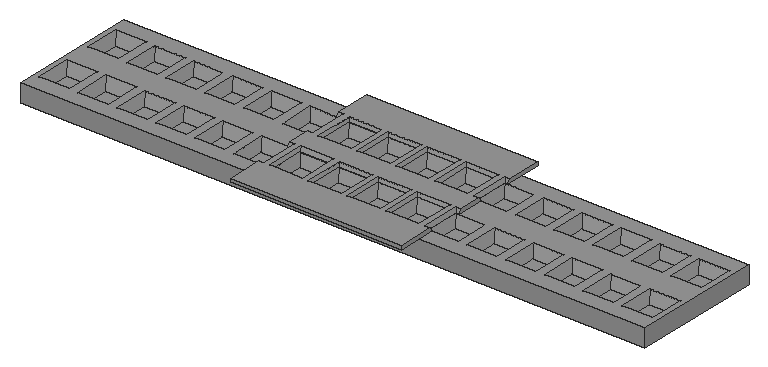
Revit family "2023699", category Lighting Fixtures, host Face, Revit 2018
Family settings
  Host = Face
  Round Connector Dimension = Use Diameter
  Part Type = Normal
  OmniClass Number = 23.80.70.00
  OmniClass Title = Lighting
  Cut with Voids When Loaded = No
  Light Source = Yes
  Shared = No
  Room Calculation Point = No
Parameters (values of type "2023699 OPTIX R 1250 2L TW WHT SSC01")
  Weight = "n/a"
  Wattage Comments = ""
  Wattage = 9.2903 W
  WarrantyStartDate [instance] = "n/a"
  WarrantyGuarantorParts = "n/a"
  WarrantyDurationUnit = "n/a"
  WarrantyDurationParts = ""
  WarrantyDescription = "http://www.sylvania-lighting.com"
  built-in parameter 1150110 = 1 (stored number, unit not read)
  Voltage = 0 V
  URL = "0.97"
  TypeName = "OPTIX RECESSED 1250 2L TW WHT SSC01"
  Type Image = <None>
  Type Comments = "n/a"
  built-in parameter 1114217 = 1 (stored number, unit not read)
  Tilt Angle = -90.00°
  built-in parameter 1150109 = 1 (stored number, unit not read)
  built-in parameter 1150134 = 3
  built-in parameter 1150113 = 1 (stored number, unit not read)
  SerialNumber [instance] = "n/a"
  Photometric Web File = "2023699.ies"
  Material_3_SYL = none
  PowerFactor = 0
  PowerConsumption = "Lighting"
  NominalLength = 308.5 mm
  NominalHeight = 38 mm
  NominalDepth = 308 mm
  Name = "OPTIX RECESSED 1250 2L TW WHT SSC01"
  ModelReference = Name  # "OPTIX RECESSED 1250 2L TW WHT SSC01"
  ModelNumber = "2023699"
  Model = Name  # "OPTIX RECESSED 1250 2L TW WHT SSC01"
  Material = "Feilo Sylvania"
  ManufacturerName = "120 lm/W"
  Manufacturer = ""
  LuminousEfficacy = ""
  built-in parameter 1150105 = 109.82 (stored number, unit not read)
  Lumens = 1380 lm
  LuminaireType = "0"
  built-in parameter 1150115 = 1 (stored number, unit not read)
  LightOutputRatio = "LED"
  built-in parameter 1150137 = (empty or 0)
  built-in parameter 1150139 = (empty or 0)
  LampsType = Lamp  # "n/a"
  LampNominalLuminous = "3000 K"
  LampMacAdamStep = "80"
  LampColourTemperature = "LED"
  LampColourRenderingIndex = "16500"
  built-in parameter 1150112 = 1 (stored number, unit not read)
  built-in parameter 1150114 = 1 (stored number, unit not read)
  Lamp = "n/a"
  Keynote = "n/a"
  InstallationDate [instance] = "n/a"
  InputVoltage = "0"
  InputNominalFrequency = "3000"
  built-in parameter 1150132 = (empty or 0)
  built-in parameter 1150102 = (empty or 0)
  built-in parameter 1150107 = 3200 (stored number, unit not read)
  built-in parameter 1150138 = (empty or 0)
  IngressProtection = "IfcLightFixtureType"
  ImpactProtectionIndex = "IfcLightFixtureType"
  built-in parameter 1150106 = 1.0982 (stored number, unit not read)
  IfcExportType = "IfcLightFixtureType"
  IfcExportAs = "Class I"
  Emit from Circle Diameter = 609.6 mm
  Emit Shape Visible in Rendering = no
  ElectricShockClassification = "120"
  built-in parameter 1150104 = 13.8 (stored number, unit not read)
  DocumentationLiterature = "http://www.sylvania-lighting.com/product/en-int/products/2023699"
  DimmingControlOptions = "n/a"
  Material_2_SYL = none
  Dimming Lamp Color Temperature Shift = <None>
  Description = "OPTIX RECESSED 1250X310 2L TW WHT SSC01 is a high efficacy low glare luminaire for office and education applications. Ceiling recessed 1250x310 mm. White plastic low glare optics in 2 lines configuration. White RAL9016 fixture body. SylSmart Standalone controlled tunable white light engine, CRI>80, chromaticity tolerance of 3-step MacAdam ellipse. Luminous flux 3450lm. Power consumption 24W. Luminaire efficacy 144lm/W. Lifespan: 48,500 hours L90B10. UGR<19, Luminance at 65°<3000 Cd/m2, IK07, IP20. Photobiological safety risk group 0. Electrical protection Class I. Glow wire test 850°C."
  Default Elevation = 1219.2 mm
  CreatedOn = "13/10/2022"
  CreatedBy = "@sylvania-lighting.com"
  Cost = 0
  Color Filter = 16777215
  built-in parameter 1114216 [instance] = (empty or 0)
  ClassificationValue = "EF_70_80"
  ClassificationName = "Uniclass2015"
  Material_1_SYL = none
  BarCode [instance] = "n/a"
  built-in parameter 1114218 = 1 (stored number, unit not read)
  built-in parameter 1150133 = 10 (stored number, unit not read)
  AssetType = "Fixed"
  AssetIdentifier [instance] = "n/a"
  Assembly Code = "D5020200"
  Apparent Load = 31 VA
  Material_4_SYL = none
Reference planes
  plane 1 "Center (Front/Back)": y = 0
  plane 2: z = 0
  plane 3 "Center (Left/Right)": x = 0
  plane 4: x = -154.25
  plane 5: x = 154.25
  plane 6: y = 154
  plane 7: y = -154
  plane 8: z = -32
  plane 9: z = 6
  plane 10: y = -116
  plane 11: y = 116
  plane 12: x = -563
  plane 13: x = 563
  plane 14: y = 90
  plane 15: y = -90
  plane 16: x = 275
  plane 17: x = 285
  plane 18: x = 345
  plane 19: x = 355
  plane 20: x = 415
  plane 21: x = 425
  plane 22: x = 485
  plane 23: x = 495
  plane 24: x = -275
  plane 25: x = -285
  plane 26: x = -345
  plane 27: x = -355
  plane 28: x = -415
  plane 29: x = -425
  plane 30: x = -485
  plane 31: x = -495
Forms (mm)
  Extrusion 1, solid, material "Aluminum", detail levels medium+fine
    sketch origin (0, 0, 0) x (1, 0, 0) y (0, 1, 0)
      loop
        line (-154.25, 154) -> (-154.25, -154) -> (154.25, -154) -> (154.25, 154) -> (-154.25, 154)
    from 0 to 6
  Extrusion 2, solid, material "Aluminum", detail levels medium+fine
    sketch origin (0, 0, 0) x (1, 0, 0) y (0, 1, 0)
      loop
        line (-563, 116) -> (-563, -116) -> (563, -116) -> (563, 116) -> (-563, 116)
    from 0 to -32
  Blend 3, void
    base sketch origin (0.2, -114, 0) x (1, 0, 0) y (0, 1, 0)
      loop
        line (-275.2, 204) -> (-275.2, 134) -> (-215.2, 134) -> (-215.2, 204) -> (-275.2, 204)
    top sketch origin (0.2, -114, 0) x (1, 0, 0) y (0, 1, 0)
      loop
        line (-265.2, 189) -> (-265.2, 149) -> (-225.2, 149) -> (-225.2, 189) -> (-265.2, 189)
    from 6 to -19
  Blend 4, void
    base sketch origin (70.2, -114, 0) x (1, 0, 0) y (0, 1, 0)
      loop
        line (-275.2, 204) -> (-275.2, 134) -> (-215.2, 134) -> (-215.2, 204) -> (-275.2, 204)
    top sketch origin (70.2, -114, 0) x (1, 0, 0) y (0, 1, 0)
      loop
        line (-265.2, 189) -> (-265.2, 149) -> (-225.2, 149) -> (-225.2, 189) -> (-265.2, 189)
    from 6 to -19
  Blend 5, void
    base sketch origin (140.2, -114, 0) x (1, 0, 0) y (0, 1, 0)
      loop
        line (-275.2, 204) -> (-275.2, 134) -> (-215.2, 134) -> (-215.2, 204) -> (-275.2, 204)
    top sketch origin (140.2, -114, 0) x (1, 0, 0) y (0, 1, 0)
      loop
        line (-265.2, 189) -> (-265.2, 149) -> (-225.2, 149) -> (-225.2, 189) -> (-265.2, 189)
    from 6 to -19
  Blend 6, void
    base sketch origin (210.2, -114, 0) x (1, 0, 0) y (0, 1, 0)
      loop
        line (-275.2, 204) -> (-275.2, 134) -> (-215.2, 134) -> (-215.2, 204) -> (-275.2, 204)
    top sketch origin (210.2, -114, 0) x (1, 0, 0) y (0, 1, 0)
      loop
        line (-265.2, 189) -> (-265.2, 149) -> (-225.2, 149) -> (-225.2, 189) -> (-265.2, 189)
    from 6 to -19
  Blend 7, void
    base sketch origin (280.2, -114, 0) x (1, 0, 0) y (0, 1, 0)
      loop
        line (-275.2, 204) -> (-275.2, 134) -> (-215.2, 134) -> (-215.2, 204) -> (-275.2, 204)
    top sketch origin (280.2, -114, 0) x (1, 0, 0) y (0, 1, 0)
      loop
        line (-265.2, 189) -> (-265.2, 149) -> (-225.2, 149) -> (-225.2, 189) -> (-265.2, 189)
    from 6 to -19
  Blend 8, void
    base sketch origin (350.2, -114, 0) x (1, 0, 0) y (0, 1, 0)
      loop
        line (-275.2, 204) -> (-275.2, 134) -> (-215.2, 134) -> (-215.2, 204) -> (-275.2, 204)
    top sketch origin (350.2, -114, 0) x (1, 0, 0) y (0, 1, 0)
      loop
        line (-265.2, 189) -> (-265.2, 149) -> (-225.2, 149) -> (-225.2, 189) -> (-265.2, 189)
    from 6 to -19
  Blend 9, void
    base sketch origin (420.2, -114, 0) x (1, 0, 0) y (0, 1, 0)
      loop
        line (-275.2, 204) -> (-275.2, 134) -> (-215.2, 134) -> (-215.2, 204) -> (-275.2, 204)
    top sketch origin (420.2, -114, 0) x (1, 0, 0) y (0, 1, 0)
      loop
        line (-265.2, 189) -> (-265.2, 149) -> (-225.2, 149) -> (-225.2, 189) -> (-265.2, 189)
    from 6 to -19
  Blend 10, void
    base sketch origin (490.2, -114, 0) x (1, 0, 0) y (0, 1, 0)
      loop
        line (-275.2, 204) -> (-275.2, 134) -> (-215.2, 134) -> (-215.2, 204) -> (-275.2, 204)
    top sketch origin (490.2, -114, 0) x (1, 0, 0) y (0, 1, 0)
      loop
        line (-265.2, 189) -> (-265.2, 149) -> (-225.2, 149) -> (-225.2, 189) -> (-265.2, 189)
    from 6 to -19
  Blend 11, void
    base sketch origin (560.2, -114, 0) x (1, 0, 0) y (0, 1, 0)
      loop
        line (-275.2, 204) -> (-275.2, 134) -> (-215.2, 134) -> (-215.2, 204) -> (-275.2, 204)
    top sketch origin (560.2, -114, 0) x (1, 0, 0) y (0, 1, 0)
      loop
        line (-265.2, 189) -> (-265.2, 149) -> (-225.2, 149) -> (-225.2, 189) -> (-265.2, 189)
    from 6 to -19
  Blend 12, void
    base sketch origin (630.2, -114, 0) x (1, 0, 0) y (0, 1, 0)
      loop
        line (-275.2, 204) -> (-275.2, 134) -> (-215.2, 134) -> (-215.2, 204) -> (-275.2, 204)
    top sketch origin (630.2, -114, 0) x (1, 0, 0) y (0, 1, 0)
      loop
        line (-265.2, 189) -> (-265.2, 149) -> (-225.2, 149) -> (-225.2, 189) -> (-265.2, 189)
    from 6 to -19
  Blend 13, void
    base sketch origin (700.2, -114, 0) x (1, 0, 0) y (0, 1, 0)
      loop
        line (-275.2, 204) -> (-275.2, 134) -> (-215.2, 134) -> (-215.2, 204) -> (-275.2, 204)
    top sketch origin (700.2, -114, 0) x (1, 0, 0) y (0, 1, 0)
      loop
        line (-265.2, 189) -> (-265.2, 149) -> (-225.2, 149) -> (-225.2, 189) -> (-265.2, 189)
    from 6 to -19
  Blend 14, void
    base sketch origin (770.2, -114, 0) x (1, 0, 0) y (0, 1, 0)
      loop
        line (-275.2, 204) -> (-275.2, 134) -> (-215.2, 134) -> (-215.2, 204) -> (-275.2, 204)
    top sketch origin (770.2, -114, 0) x (1, 0, 0) y (0, 1, 0)
      loop
        line (-265.2, 189) -> (-265.2, 149) -> (-225.2, 149) -> (-225.2, 189) -> (-265.2, 189)
    from 6 to -19
  Blend 15, void
    base sketch origin (-69.8, -114, 0) x (1, 0, 0) y (0, 1, 0)
      loop
        line (-275.2, 204) -> (-275.2, 134) -> (-215.2, 134) -> (-215.2, 204) -> (-275.2, 204)
    top sketch origin (-69.8, -114, 0) x (1, 0, 0) y (0, 1, 0)
      loop
        line (-265.2, 189) -> (-265.2, 149) -> (-225.2, 149) -> (-225.2, 189) -> (-265.2, 189)
    from 6 to -19
  Blend 16, void
    base sketch origin (-139.8, -114, 0) x (1, 0, 0) y (0, 1, 0)
      loop
        line (-275.2, 204) -> (-275.2, 134) -> (-215.2, 134) -> (-215.2, 204) -> (-275.2, 204)
    top sketch origin (-139.8, -114, 0) x (1, 0, 0) y (0, 1, 0)
      loop
        line (-265.2, 189) -> (-265.2, 149) -> (-225.2, 149) -> (-225.2, 189) -> (-265.2, 189)
    from 6 to -19
  Blend 17, void
    base sketch origin (-209.8, -114, 0) x (1, 0, 0) y (0, 1, 0)
      loop
        line (-275.2, 204) -> (-275.2, 134) -> (-215.2, 134) -> (-215.2, 204) -> (-275.2, 204)
    top sketch origin (-209.8, -114, 0) x (1, 0, 0) y (0, 1, 0)
      loop
        line (-265.2, 189) -> (-265.2, 149) -> (-225.2, 149) -> (-225.2, 189) -> (-265.2, 189)
    from 6 to -19
  Blend 18, void
    base sketch origin (-279.8, -114, 0) x (1, 0, 0) y (0, 1, 0)
      loop
        line (-275.2, 204) -> (-275.2, 134) -> (-215.2, 134) -> (-215.2, 204) -> (-275.2, 204)
    top sketch origin (-279.8, -114, 0) x (1, 0, 0) y (0, 1, 0)
      loop
        line (-265.2, 189) -> (-265.2, 149) -> (-225.2, 149) -> (-225.2, 189) -> (-265.2, 189)
    from 6 to -19
  Blend 19, void
    base sketch origin (0.2, -224, 0) x (1, 0, 0) y (0, 1, 0)
      loop
        line (-275.2, 204) -> (-275.2, 134) -> (-215.2, 134) -> (-215.2, 204) -> (-275.2, 204)
    top sketch origin (0.2, -224, 0) x (1, 0, 0) y (0, 1, 0)
      loop
        line (-265.2, 189) -> (-265.2, 149) -> (-225.2, 149) -> (-225.2, 189) -> (-265.2, 189)
    from 6 to -19
  Blend 20, void
    base sketch origin (70.2, -224, 0) x (1, 0, 0) y (0, 1, 0)
      loop
        line (-275.2, 204) -> (-275.2, 134) -> (-215.2, 134) -> (-215.2, 204) -> (-275.2, 204)
    top sketch origin (70.2, -224, 0) x (1, 0, 0) y (0, 1, 0)
      loop
        line (-265.2, 189) -> (-265.2, 149) -> (-225.2, 149) -> (-225.2, 189) -> (-265.2, 189)
    from 6 to -19
  Blend 21, void
    base sketch origin (140.2, -224, 0) x (1, 0, 0) y (0, 1, 0)
      loop
        line (-275.2, 204) -> (-275.2, 134) -> (-215.2, 134) -> (-215.2, 204) -> (-275.2, 204)
    top sketch origin (140.2, -224, 0) x (1, 0, 0) y (0, 1, 0)
      loop
        line (-265.2, 189) -> (-265.2, 149) -> (-225.2, 149) -> (-225.2, 189) -> (-265.2, 189)
    from 6 to -19
  Blend 22, void
    base sketch origin (210.2, -224, 0) x (1, 0, 0) y (0, 1, 0)
      loop
        line (-275.2, 204) -> (-275.2, 134) -> (-215.2, 134) -> (-215.2, 204) -> (-275.2, 204)
    top sketch origin (210.2, -224, 0) x (1, 0, 0) y (0, 1, 0)
      loop
        line (-265.2, 189) -> (-265.2, 149) -> (-225.2, 149) -> (-225.2, 189) -> (-265.2, 189)
    from 6 to -19
  Blend 23, void
    base sketch origin (280.2, -224, 0) x (1, 0, 0) y (0, 1, 0)
      loop
        line (-275.2, 204) -> (-275.2, 134) -> (-215.2, 134) -> (-215.2, 204) -> (-275.2, 204)
    top sketch origin (280.2, -224, 0) x (1, 0, 0) y (0, 1, 0)
      loop
        line (-265.2, 189) -> (-265.2, 149) -> (-225.2, 149) -> (-225.2, 189) -> (-265.2, 189)
    from 6 to -19
  Blend 24, void
    base sketch origin (350.2, -224, 0) x (1, 0, 0) y (0, 1, 0)
      loop
        line (-275.2, 204) -> (-275.2, 134) -> (-215.2, 134) -> (-215.2, 204) -> (-275.2, 204)
    top sketch origin (350.2, -224, 0) x (1, 0, 0) y (0, 1, 0)
      loop
        line (-265.2, 189) -> (-265.2, 149) -> (-225.2, 149) -> (-225.2, 189) -> (-265.2, 189)
    from 6 to -19
  Blend 25, void
    base sketch origin (420.2, -224, 0) x (1, 0, 0) y (0, 1, 0)
      loop
        line (-275.2, 204) -> (-275.2, 134) -> (-215.2, 134) -> (-215.2, 204) -> (-275.2, 204)
    top sketch origin (420.2, -224, 0) x (1, 0, 0) y (0, 1, 0)
      loop
        line (-265.2, 189) -> (-265.2, 149) -> (-225.2, 149) -> (-225.2, 189) -> (-265.2, 189)
    from 6 to -19
  Blend 26, void
    base sketch origin (490.2, -224, 0) x (1, 0, 0) y (0, 1, 0)
      loop
        line (-275.2, 204) -> (-275.2, 134) -> (-215.2, 134) -> (-215.2, 204) -> (-275.2, 204)
    top sketch origin (490.2, -224, 0) x (1, 0, 0) y (0, 1, 0)
      loop
        line (-265.2, 189) -> (-265.2, 149) -> (-225.2, 149) -> (-225.2, 189) -> (-265.2, 189)
    from 6 to -19
  Blend 27, void
    base sketch origin (560.2, -224, 0) x (1, 0, 0) y (0, 1, 0)
      loop
        line (-275.2, 204) -> (-275.2, 134) -> (-215.2, 134) -> (-215.2, 204) -> (-275.2, 204)
    top sketch origin (560.2, -224, 0) x (1, 0, 0) y (0, 1, 0)
      loop
        line (-265.2, 189) -> (-265.2, 149) -> (-225.2, 149) -> (-225.2, 189) -> (-265.2, 189)
    from 6 to -19
  Blend 28, void
    base sketch origin (630.2, -224, 0) x (1, 0, 0) y (0, 1, 0)
      loop
        line (-275.2, 204) -> (-275.2, 134) -> (-215.2, 134) -> (-215.2, 204) -> (-275.2, 204)
    top sketch origin (630.2, -224, 0) x (1, 0, 0) y (0, 1, 0)
      loop
        line (-265.2, 189) -> (-265.2, 149) -> (-225.2, 149) -> (-225.2, 189) -> (-265.2, 189)
    from 6 to -19
  Blend 29, void
    base sketch origin (700.2, -224, 0) x (1, 0, 0) y (0, 1, 0)
      loop
        line (-275.2, 204) -> (-275.2, 134) -> (-215.2, 134) -> (-215.2, 204) -> (-275.2, 204)
    top sketch origin (700.2, -224, 0) x (1, 0, 0) y (0, 1, 0)
      loop
        line (-265.2, 189) -> (-265.2, 149) -> (-225.2, 149) -> (-225.2, 189) -> (-265.2, 189)
    from 6 to -19
  Blend 30, void
    base sketch origin (770.2, -224, 0) x (1, 0, 0) y (0, 1, 0)
      loop
        line (-275.2, 204) -> (-275.2, 134) -> (-215.2, 134) -> (-215.2, 204) -> (-275.2, 204)
    top sketch origin (770.2, -224, 0) x (1, 0, 0) y (0, 1, 0)
      loop
        line (-265.2, 189) -> (-265.2, 149) -> (-225.2, 149) -> (-225.2, 189) -> (-265.2, 189)
    from 6 to -19
  Blend 31, void
    base sketch origin (-69.8, -224, 0) x (1, 0, 0) y (0, 1, 0)
      loop
        line (-275.2, 204) -> (-275.2, 134) -> (-215.2, 134) -> (-215.2, 204) -> (-275.2, 204)
    top sketch origin (-69.8, -224, 0) x (1, 0, 0) y (0, 1, 0)
      loop
        line (-265.2, 189) -> (-265.2, 149) -> (-225.2, 149) -> (-225.2, 189) -> (-265.2, 189)
    from 6 to -19
  Blend 32, void
    base sketch origin (-139.8, -224, 0) x (1, 0, 0) y (0, 1, 0)
      loop
        line (-275.2, 204) -> (-275.2, 134) -> (-215.2, 134) -> (-215.2, 204) -> (-275.2, 204)
    top sketch origin (-139.8, -224, 0) x (1, 0, 0) y (0, 1, 0)
      loop
        line (-265.2, 189) -> (-265.2, 149) -> (-225.2, 149) -> (-225.2, 189) -> (-265.2, 189)
    from 6 to -19
  Blend 33, void
    base sketch origin (-209.8, -224, 0) x (1, 0, 0) y (0, 1, 0)
      loop
        line (-275.2, 204) -> (-275.2, 134) -> (-215.2, 134) -> (-215.2, 204) -> (-275.2, 204)
    top sketch origin (-209.8, -224, 0) x (1, 0, 0) y (0, 1, 0)
      loop
        line (-265.2, 189) -> (-265.2, 149) -> (-225.2, 149) -> (-225.2, 189) -> (-265.2, 189)
    from 6 to -19
  Blend 34, void
    base sketch origin (-279.8, -224, 0) x (1, 0, 0) y (0, 1, 0)
      loop
        line (-275.2, 204) -> (-275.2, 134) -> (-215.2, 134) -> (-215.2, 204) -> (-275.2, 204)
    top sketch origin (-279.8, -224, 0) x (1, 0, 0) y (0, 1, 0)
      loop
        line (-265.2, 189) -> (-265.2, 149) -> (-225.2, 149) -> (-225.2, 189) -> (-265.2, 189)
    from 6 to -19
  Extrusion 35, solid, detail levels coarse
    sketch origin (0, 0, 0) x (1, 0, 0) y (0, 0, 1)
      loop
        line (-154.25, 6) -> (-154.25, -32) -> (154.25, -32) -> (154.25, 6) -> (-154.25, 6)
    from -154 to 154
  Extrusion 36, solid, material "Glass, White, High Luminance", detail levels fine
    sketch origin (0, 0, 0) x (1, 0, 0) y (0, 1, 0)
      loop
        line (-545, 75) -> (-545, 35) -> (-505, 35) -> (-505, 75) -> (-545, 75)
    from -19 to -18
  Extrusion 37, solid, material "Glass, White, High Luminance", detail levels fine
    sketch origin (70, 0, 0) x (1, 0, 0) y (0, 1, 0)
      loop
        line (-545, 75) -> (-545, 35) -> (-505, 35) -> (-505, 75) -> (-545, 75)
    from -19 to -18
  Extrusion 38, solid, material "Glass, White, High Luminance", detail levels fine
    sketch origin (140, 0, 0) x (1, 0, 0) y (0, 1, 0)
      loop
        line (-545, 75) -> (-545, 35) -> (-505, 35) -> (-505, 75) -> (-545, 75)
    from -19 to -18
  Extrusion 39, solid, material "Glass, White, High Luminance", detail levels fine
    sketch origin (210, 0, 0) x (1, 0, 0) y (0, 1, 0)
      loop
        line (-545, 75) -> (-545, 35) -> (-505, 35) -> (-505, 75) -> (-545, 75)
    from -19 to -18
  Extrusion 40, solid, material "Glass, White, High Luminance", detail levels fine
    sketch origin (280, 0, 0) x (1, 0, 0) y (0, 1, 0)
      loop
        line (-545, 75) -> (-545, 35) -> (-505, 35) -> (-505, 75) -> (-545, 75)
    from -19 to -18
  Extrusion 41, solid, material "Glass, White, High Luminance", detail levels fine
    sketch origin (350, 0, 0) x (1, 0, 0) y (0, 1, 0)
      loop
        line (-545, 75) -> (-545, 35) -> (-505, 35) -> (-505, 75) -> (-545, 75)
    from -19 to -18
  Extrusion 42, solid, material "Glass, White, High Luminance", detail levels fine
    sketch origin (420, 0, 0) x (1, 0, 0) y (0, 1, 0)
      loop
        line (-545, 75) -> (-545, 35) -> (-505, 35) -> (-505, 75) -> (-545, 75)
    from -19 to -18
  Extrusion 43, solid, material "Glass, White, High Luminance", detail levels fine
    sketch origin (490, 0, 0) x (1, 0, 0) y (0, 1, 0)
      loop
        line (-545, 75) -> (-545, 35) -> (-505, 35) -> (-505, 75) -> (-545, 75)
    from -19 to -18
  Extrusion 44, solid, material "Glass, White, High Luminance", detail levels fine
    sketch origin (560, 0, 0) x (1, 0, 0) y (0, 1, 0)
      loop
        line (-545, 75) -> (-545, 35) -> (-505, 35) -> (-505, 75) -> (-545, 75)
    from -19 to -18
  Extrusion 45, solid, material "Glass, White, High Luminance", detail levels fine
    sketch origin (630, 0, 0) x (1, 0, 0) y (0, 1, 0)
      loop
        line (-545, 75) -> (-545, 35) -> (-505, 35) -> (-505, 75) -> (-545, 75)
    from -19 to -18
  Extrusion 46, solid, material "Glass, White, High Luminance", detail levels fine
    sketch origin (700, 0, 0) x (1, 0, 0) y (0, 1, 0)
      loop
        line (-545, 75) -> (-545, 35) -> (-505, 35) -> (-505, 75) -> (-545, 75)
    from -19 to -18
  Extrusion 47, solid, material "Glass, White, High Luminance", detail levels fine
    sketch origin (770, 0, 0) x (1, 0, 0) y (0, 1, 0)
      loop
        line (-545, 75) -> (-545, 35) -> (-505, 35) -> (-505, 75) -> (-545, 75)
    from -19 to -18
  Extrusion 48, solid, material "Glass, White, High Luminance", detail levels fine
    sketch origin (840, 0, 0) x (1, 0, 0) y (0, 1, 0)
      loop
        line (-545, 75) -> (-545, 35) -> (-505, 35) -> (-505, 75) -> (-545, 75)
    from -19 to -18
  Extrusion 49, solid, material "Glass, White, High Luminance", detail levels fine
    sketch origin (910, 0, 0) x (1, 0, 0) y (0, 1, 0)
      loop
        line (-545, 75) -> (-545, 35) -> (-505, 35) -> (-505, 75) -> (-545, 75)
    from -19 to -18
  Extrusion 50, solid, material "Glass, White, High Luminance", detail levels fine
    sketch origin (980, 0, 0) x (1, 0, 0) y (0, 1, 0)
      loop
        line (-545, 75) -> (-545, 35) -> (-505, 35) -> (-505, 75) -> (-545, 75)
    from -19 to -18
  Extrusion 51, solid, material "Glass, White, High Luminance", detail levels fine
    sketch origin (1050, 0, 0) x (1, 0, 0) y (0, 1, 0)
      loop
        line (-545, 75) -> (-545, 35) -> (-505, 35) -> (-505, 75) -> (-545, 75)
    from -19 to -18
  Extrusion 52, solid, material "Glass, White, High Luminance", detail levels fine
    sketch origin (0, -110, 0) x (1, 0, 0) y (0, 1, 0)
      loop
        line (-545, 75) -> (-545, 35) -> (-505, 35) -> (-505, 75) -> (-545, 75)
    from -19 to -18
  Extrusion 53, solid, material "Glass, White, High Luminance", detail levels fine
    sketch origin (70, -110, 0) x (1, 0, 0) y (0, 1, 0)
      loop
        line (-545, 75) -> (-545, 35) -> (-505, 35) -> (-505, 75) -> (-545, 75)
    from -19 to -18
  Extrusion 54, solid, material "Glass, White, High Luminance", detail levels fine
    sketch origin (140, -110, 0) x (1, 0, 0) y (0, 1, 0)
      loop
        line (-545, 75) -> (-545, 35) -> (-505, 35) -> (-505, 75) -> (-545, 75)
    from -19 to -18
  Extrusion 55, solid, material "Glass, White, High Luminance", detail levels fine
    sketch origin (210, -110, 0) x (1, 0, 0) y (0, 1, 0)
      loop
        line (-545, 75) -> (-545, 35) -> (-505, 35) -> (-505, 75) -> (-545, 75)
    from -19 to -18
  Extrusion 56, solid, material "Glass, White, High Luminance", detail levels fine
    sketch origin (280, -110, 0) x (1, 0, 0) y (0, 1, 0)
      loop
        line (-545, 75) -> (-545, 35) -> (-505, 35) -> (-505, 75) -> (-545, 75)
    from -19 to -18
  Extrusion 57, solid, material "Glass, White, High Luminance", detail levels fine
    sketch origin (350, -110, 0) x (1, 0, 0) y (0, 1, 0)
      loop
        line (-545, 75) -> (-545, 35) -> (-505, 35) -> (-505, 75) -> (-545, 75)
    from -19 to -18
  Extrusion 58, solid, material "Glass, White, High Luminance", detail levels fine
    sketch origin (420, -110, 0) x (1, 0, 0) y (0, 1, 0)
      loop
        line (-545, 75) -> (-545, 35) -> (-505, 35) -> (-505, 75) -> (-545, 75)
    from -19 to -18
  Extrusion 59, solid, material "Glass, White, High Luminance", detail levels fine
    sketch origin (490, -110, 0) x (1, 0, 0) y (0, 1, 0)
      loop
        line (-545, 75) -> (-545, 35) -> (-505, 35) -> (-505, 75) -> (-545, 75)
    from -19 to -18
  Extrusion 60, solid, material "Glass, White, High Luminance", detail levels fine
    sketch origin (560, -110, 0) x (1, 0, 0) y (0, 1, 0)
      loop
        line (-545, 75) -> (-545, 35) -> (-505, 35) -> (-505, 75) -> (-545, 75)
    from -19 to -18
  Extrusion 61, solid, material "Glass, White, High Luminance", detail levels fine
    sketch origin (630, -110, 0) x (1, 0, 0) y (0, 1, 0)
      loop
        line (-545, 75) -> (-545, 35) -> (-505, 35) -> (-505, 75) -> (-545, 75)
    from -19 to -18
  Extrusion 62, solid, material "Glass, White, High Luminance", detail levels fine
    sketch origin (700, -110, 0) x (1, 0, 0) y (0, 1, 0)
      loop
        line (-545, 75) -> (-545, 35) -> (-505, 35) -> (-505, 75) -> (-545, 75)
    from -19 to -18
  Extrusion 63, solid, material "Glass, White, High Luminance", detail levels fine
    sketch origin (770, -110, 0) x (1, 0, 0) y (0, 1, 0)
      loop
        line (-545, 75) -> (-545, 35) -> (-505, 35) -> (-505, 75) -> (-545, 75)
    from -19 to -18
  Extrusion 64, solid, material "Glass, White, High Luminance", detail levels fine
    sketch origin (840, -110, 0) x (1, 0, 0) y (0, 1, 0)
      loop
        line (-545, 75) -> (-545, 35) -> (-505, 35) -> (-505, 75) -> (-545, 75)
    from -19 to -18
  Extrusion 65, solid, material "Glass, White, High Luminance", detail levels fine
    sketch origin (910, -110, 0) x (1, 0, 0) y (0, 1, 0)
      loop
        line (-545, 75) -> (-545, 35) -> (-505, 35) -> (-505, 75) -> (-545, 75)
    from -19 to -18
  Extrusion 66, solid, material "Glass, White, High Luminance", detail levels fine
    sketch origin (980, -110, 0) x (1, 0, 0) y (0, 1, 0)
      loop
        line (-545, 75) -> (-545, 35) -> (-505, 35) -> (-505, 75) -> (-545, 75)
    from -19 to -18
  Extrusion 67, solid, material "Glass, White, High Luminance", detail levels fine
    sketch origin (1050, -110, 0) x (1, 0, 0) y (0, 1, 0)
      loop
        line (-545, 75) -> (-545, 35) -> (-505, 35) -> (-505, 75) -> (-545, 75)
    from -19 to -18
Cuts and joins
  Blend 3, Blend 4, Blend 5, Blend 6, Blend 7, Blend 8, Blend 9, Blend 10, Blend 11, Blend 12, Blend 13, Blend 14, Blend 15, Blend 16, Blend 17, Blend 18, Blend 19, Blend 20, Blend 21, Blend 22, Blend 23, Blend 24, Blend 25, Blend 26, Blend 27, Blend 28, Blend 29, Blend 30, Blend 31, Blend 32, Blend 33, Blend 34 cuts Extrusion 1
  Blend 3, Blend 4, Blend 5, Blend 6, Blend 7, Blend 8, Blend 9, Blend 10, Blend 11, Blend 12, Blend 13, Blend 14, Blend 15, Blend 16, Blend 17, Blend 18, Blend 19, Blend 20, Blend 21, Blend 22, Blend 23, Blend 24, Blend 25, Blend 26, Blend 27, Blend 28, Blend 29, Blend 30, Blend 31, Blend 32, Blend 33, Blend 34 cuts Extrusion 2
Dimensions and locks
  "NominalLength": plane 4 to plane 5
  equal spacing: plane 4, plane 3 "Center (Left/Right)", plane 5
  "NominalDepth": plane 6 to plane 7
  equal spacing: plane 6, plane 1 "Center (Front/Back)", plane 7
  plane 8 to plane 2 = 32 mm
  plane 9 to plane 2 = 6 mm
  "NominalHeight": plane 8 to plane 9
  aligned and locked: plane 2 to host face
  aligned and locked: level to host face
Automatic sketch dimensions
  host sketch curve to host sketch curve = 2438.4 mm  (x2)
  Extrusion 1 sketch curve to plane 4 = 0 mm
  Extrusion 1 sketch curve to plane 5 = 0 mm
  Extrusion 1 sketch curve to plane 7 = 0 mm
  Extrusion 1 sketch curve to plane 6 = 0 mm
  Extrusion 2 sketch curve to plane 10 = 0 mm
  Extrusion 2 sketch curve to plane 12 = 0 mm
  Extrusion 2 sketch curve to plane 13 = 0 mm
  Extrusion 2 sketch curve to plane 11 = 0 mm
  Blend 3 sketch curve to plane 24 = 0 mm
  Blend 3 sketch curve to plane 14 = 0 mm
  Blend 3 sketch curve to plane 1 "Center (Front/Back)" = 20 mm
  Blend 3 sketch curve to Blend 3 sketch curve = 60 mm
  plane 24 to Blend 3 sketch curve = 10 mm
  Blend 3 sketch curve to Blend 3 sketch curve = 40 mm
  Blend 3 sketch curve to plane 1 "Center (Front/Back)" = 35 mm
  Blend 3 sketch curve to plane 14 = 15 mm
  Blend 4 sketch curve to plane 14 = 0 mm
  Blend 4 sketch curve to plane 1 "Center (Front/Back)" = 20 mm
  plane 24 to Blend 4 sketch curve = 70 mm
  Blend 4 sketch curve to Blend 4 sketch curve = 60 mm
  Blend 4 sketch curve to plane 1 "Center (Front/Back)" = 35 mm
  plane 24 to Blend 4 sketch curve = 80 mm
  Blend 4 sketch curve to Blend 4 sketch curve = 40 mm
  Blend 4 sketch curve to plane 14 = 15 mm
  Blend 5 sketch curve to plane 14 = 0 mm
  Blend 5 sketch curve to plane 1 "Center (Front/Back)" = 20 mm
  Blend 5 sketch curve to plane 3 "Center (Left/Right)" = 135 mm
  Blend 5 sketch curve to Blend 5 sketch curve = 60 mm
  Blend 5 sketch curve to plane 1 "Center (Front/Back)" = 35 mm
  Blend 5 sketch curve to plane 3 "Center (Left/Right)" = 125 mm
  Blend 5 sketch curve to Blend 5 sketch curve = 40 mm
  Blend 5 sketch curve to plane 14 = 15 mm
  Blend 6 sketch curve to plane 14 = 0 mm
  Blend 6 sketch curve to plane 1 "Center (Front/Back)" = 20 mm
  Blend 6 sketch curve to plane 3 "Center (Left/Right)" = 65 mm
  Blend 6 sketch curve to plane 3 "Center (Left/Right)" = 5 mm
  Blend 6 sketch curve to plane 3 "Center (Left/Right)" = 55 mm
  Blend 6 sketch curve to plane 3 "Center (Left/Right)" = 15 mm
  Blend 6 sketch curve to plane 1 "Center (Front/Back)" = 35 mm
  Blend 6 sketch curve to plane 14 = 15 mm
  Blend 7 sketch curve to plane 14 = 0 mm
  plane 3 "Center (Left/Right)" to Blend 7 sketch curve = 5 mm
  Blend 7 sketch curve to plane 1 "Center (Front/Back)" = 20 mm
  Blend 7 sketch curve to Blend 7 sketch curve = 60 mm
  plane 3 "Center (Left/Right)" to Blend 7 sketch curve = 15 mm
  Blend 7 sketch curve to Blend 7 sketch curve = 40 mm
  Blend 7 sketch curve to plane 1 "Center (Front/Back)" = 35 mm
  Blend 7 sketch curve to plane 14 = 15 mm
  Blend 8 sketch curve to plane 14 = 0 mm
  Blend 8 sketch curve to plane 1 "Center (Front/Back)" = 20 mm
  plane 3 "Center (Left/Right)" to Blend 8 sketch curve = 75 mm
  Blend 8 sketch curve to Blend 8 sketch curve = 60 mm
  Blend 8 sketch curve to plane 1 "Center (Front/Back)" = 35 mm
  plane 3 "Center (Left/Right)" to Blend 8 sketch curve = 85 mm
  Blend 8 sketch curve to Blend 8 sketch curve = 40 mm
  Blend 8 sketch curve to plane 14 = 15 mm
  Blend 9 sketch curve to plane 14 = 0 mm
  Blend 9 sketch curve to plane 1 "Center (Front/Back)" = 20 mm
  plane 16 to Blend 9 sketch curve = 130 mm
  Blend 9 sketch curve to Blend 9 sketch curve = 60 mm
  Blend 9 sketch curve to plane 1 "Center (Front/Back)" = 35 mm
  plane 16 to Blend 9 sketch curve = 120 mm
  Blend 9 sketch curve to Blend 9 sketch curve = 40 mm
  Blend 9 sketch curve to plane 14 = 15 mm
  Blend 10 sketch curve to plane 14 = 0 mm
  Blend 10 sketch curve to plane 16 = 0 mm
  Blend 10 sketch curve to Blend 10 sketch curve = 60 mm
  Blend 10 sketch curve to plane 1 "Center (Front/Back)" = 20 mm
  plane 16 to Blend 10 sketch curve = 50 mm
  plane 16 to Blend 10 sketch curve = 10 mm
  Blend 10 sketch curve to plane 1 "Center (Front/Back)" = 35 mm
  Blend 10 sketch curve to plane 14 = 15 mm
  Blend 11 sketch curve to plane 17 = 0 mm
  Blend 11 sketch curve to plane 18 = 0 mm
  Blend 11 sketch curve to plane 14 = 0 mm
  Blend 11 sketch curve to plane 1 "Center (Front/Back)" = 20 mm
  plane 17 to Blend 11 sketch curve = 10 mm
  plane 18 to Blend 11 sketch curve = 10 mm
  Blend 11 sketch curve to plane 1 "Center (Front/Back)" = 35 mm
  Blend 11 sketch curve to plane 14 = 15 mm
  Blend 12 sketch curve to plane 19 = 0 mm
  Blend 12 sketch curve to plane 20 = 0 mm
  Blend 12 sketch curve to plane 14 = 0 mm
  Blend 12 sketch curve to plane 1 "Center (Front/Back)" = 20 mm
  Blend 12 sketch curve to plane 19 = 10 mm
  plane 20 to Blend 12 sketch curve = 10 mm
  Blend 12 sketch curve to plane 1 "Center (Front/Back)" = 35 mm
  Blend 12 sketch curve to plane 14 = 15 mm
  Blend 13 sketch curve to plane 21 = 0 mm
  Blend 13 sketch curve to plane 22 = 0 mm
  Blend 13 sketch curve to plane 14 = 0 mm
  Blend 13 sketch curve to plane 1 "Center (Front/Back)" = 20 mm
  Blend 13 sketch curve to plane 21 = 10 mm
  plane 22 to Blend 13 sketch curve = 10 mm
  Blend 13 sketch curve to plane 1 "Center (Front/Back)" = 35 mm
  Blend 13 sketch curve to plane 14 = 15 mm
  Blend 14 sketch curve to plane 23 = 0 mm
  Blend 14 sketch curve to plane 14 = 0 mm
  Blend 14 sketch curve to plane 13 = 8 mm
  Blend 14 sketch curve to plane 1 "Center (Front/Back)" = 20 mm
  Blend 14 sketch curve to plane 23 = 10 mm
  Blend 14 sketch curve to plane 13 = 18 mm
  Blend 14 sketch curve to plane 1 "Center (Front/Back)" = 35 mm
  Blend 14 sketch curve to plane 14 = 15 mm
  Blend 15 sketch curve to plane 26 = 0 mm
  Blend 15 sketch curve to plane 25 = 0 mm
  Blend 15 sketch curve to plane 14 = 0 mm
  Blend 15 sketch curve to plane 1 "Center (Front/Back)" = 20 mm
  plane 26 to Blend 15 sketch curve = 10 mm
  Blend 15 sketch curve to plane 25 = 10 mm
  Blend 15 sketch curve to plane 1 "Center (Front/Back)" = 35 mm
  Blend 15 sketch curve to plane 14 = 15 mm
  Blend 16 sketch curve to plane 28 = 0 mm
  Blend 16 sketch curve to plane 27 = 0 mm
  Blend 16 sketch curve to plane 14 = 0 mm
  Blend 16 sketch curve to plane 1 "Center (Front/Back)" = 20 mm
  plane 28 to Blend 16 sketch curve = 10 mm
  Blend 16 sketch curve to plane 27 = 10 mm
  Blend 16 sketch curve to plane 1 "Center (Front/Back)" = 35 mm
  Blend 16 sketch curve to plane 14 = 15 mm
  Blend 17 sketch curve to plane 30 = 0 mm
  Blend 17 sketch curve to plane 29 = 0 mm
  Blend 17 sketch curve to plane 14 = 0 mm
  Blend 17 sketch curve to plane 1 "Center (Front/Back)" = 20 mm
  plane 30 to Blend 17 sketch curve = 10 mm
  Blend 17 sketch curve to plane 29 = 10 mm
  Blend 17 sketch curve to plane 1 "Center (Front/Back)" = 35 mm
  Blend 17 sketch curve to plane 14 = 15 mm
  Blend 18 sketch curve to plane 14 = 0 mm
  Blend 18 sketch curve to plane 31 = 0 mm
  plane 12 to Blend 18 sketch curve = 8 mm
  Blend 18 sketch curve to plane 1 "Center (Front/Back)" = 20 mm
  plane 12 to Blend 18 sketch curve = 18 mm
  Blend 18 sketch curve to plane 31 = 10 mm
  Blend 18 sketch curve to plane 1 "Center (Front/Back)" = 35 mm
  Blend 18 sketch curve to plane 14 = 15 mm
  Blend 19 sketch curve to plane 15 = 0 mm
  Blend 19 sketch curve to plane 24 = 0 mm
  Blend 19 sketch curve to Blend 19 sketch curve = 60 mm
  plane 1 "Center (Front/Back)" to Blend 19 sketch curve = 20 mm
  plane 24 to Blend 19 sketch curve = 10 mm
  plane 15 to Blend 19 sketch curve = 15 mm
  Blend 19 sketch curve to Blend 19 sketch curve = 40 mm
  plane 1 "Center (Front/Back)" to Blend 19 sketch curve = 35 mm
  Blend 20 sketch curve to plane 15 = 0 mm
  plane 24 to Blend 20 sketch curve = 70 mm
  Blend 20 sketch curve to Blend 20 sketch curve = 60 mm
  plane 1 "Center (Front/Back)" to Blend 20 sketch curve = 20 mm
  plane 15 to Blend 20 sketch curve = 15 mm
  plane 24 to Blend 20 sketch curve = 80 mm
  Blend 20 sketch curve to Blend 20 sketch curve = 40 mm
  plane 1 "Center (Front/Back)" to Blend 20 sketch curve = 35 mm
  Blend 21 sketch curve to plane 15 = 0 mm
  Blend 21 sketch curve to plane 3 "Center (Left/Right)" = 135 mm
  Blend 21 sketch curve to Blend 21 sketch curve = 60 mm
  plane 1 "Center (Front/Back)" to Blend 21 sketch curve = 20 mm
  plane 15 to Blend 21 sketch curve = 15 mm
  Blend 21 sketch curve to plane 3 "Center (Left/Right)" = 125 mm
  Blend 21 sketch curve to Blend 21 sketch curve = 40 mm
  plane 1 "Center (Front/Back)" to Blend 21 sketch curve = 35 mm
  Blend 22 sketch curve to plane 15 = 0 mm
  Blend 22 sketch curve to plane 3 "Center (Left/Right)" = 65 mm
  Blend 22 sketch curve to plane 3 "Center (Left/Right)" = 5 mm
  plane 1 "Center (Front/Back)" to Blend 22 sketch curve = 20 mm
  plane 15 to Blend 22 sketch curve = 15 mm
  Blend 22 sketch curve to plane 3 "Center (Left/Right)" = 55 mm
  Blend 22 sketch curve to plane 3 "Center (Left/Right)" = 15 mm
  plane 1 "Center (Front/Back)" to Blend 22 sketch curve = 35 mm
  Blend 23 sketch curve to plane 15 = 0 mm
  plane 3 "Center (Left/Right)" to Blend 23 sketch curve = 5 mm
  Blend 23 sketch curve to Blend 23 sketch curve = 60 mm
  plane 1 "Center (Front/Back)" to Blend 23 sketch curve = 20 mm
  plane 3 "Center (Left/Right)" to Blend 23 sketch curve = 15 mm
  plane 15 to Blend 23 sketch curve = 15 mm
  Blend 23 sketch curve to Blend 23 sketch curve = 40 mm
  plane 1 "Center (Front/Back)" to Blend 23 sketch curve = 35 mm
  Blend 24 sketch curve to plane 15 = 0 mm
  plane 3 "Center (Left/Right)" to Blend 24 sketch curve = 75 mm
  Blend 24 sketch curve to Blend 24 sketch curve = 60 mm
  plane 1 "Center (Front/Back)" to Blend 24 sketch curve = 20 mm
  plane 15 to Blend 24 sketch curve = 15 mm
  plane 3 "Center (Left/Right)" to Blend 24 sketch curve = 85 mm
  Blend 24 sketch curve to Blend 24 sketch curve = 40 mm
  plane 1 "Center (Front/Back)" to Blend 24 sketch curve = 35 mm
  Blend 25 sketch curve to plane 15 = 0 mm
  plane 16 to Blend 25 sketch curve = 130 mm
  Blend 25 sketch curve to Blend 25 sketch curve = 60 mm
  plane 1 "Center (Front/Back)" to Blend 25 sketch curve = 20 mm
  plane 15 to Blend 25 sketch curve = 15 mm
  plane 16 to Blend 25 sketch curve = 120 mm
  Blend 25 sketch curve to Blend 25 sketch curve = 40 mm
  plane 1 "Center (Front/Back)" to Blend 25 sketch curve = 35 mm
  Blend 26 sketch curve to plane 15 = 0 mm
  Blend 26 sketch curve to plane 16 = 0 mm
  plane 1 "Center (Front/Back)" to Blend 26 sketch curve = 20 mm
  Blend 26 sketch curve to Blend 26 sketch curve = 60 mm
  plane 15 to Blend 26 sketch curve = 15 mm
  plane 16 to Blend 26 sketch curve = 50 mm
  plane 16 to Blend 26 sketch curve = 10 mm
  plane 1 "Center (Front/Back)" to Blend 26 sketch curve = 35 mm
  Blend 27 sketch curve to plane 15 = 0 mm
  Blend 27 sketch curve to plane 17 = 0 mm
  Blend 27 sketch curve to plane 18 = 0 mm
  plane 1 "Center (Front/Back)" to Blend 27 sketch curve = 20 mm
  plane 17 to Blend 27 sketch curve = 10 mm
  plane 18 to Blend 27 sketch curve = 10 mm
  plane 15 to Blend 27 sketch curve = 15 mm
  plane 1 "Center (Front/Back)" to Blend 27 sketch curve = 35 mm
  Blend 28 sketch curve to plane 15 = 0 mm
  Blend 28 sketch curve to plane 19 = 0 mm
  Blend 28 sketch curve to plane 20 = 0 mm
  plane 1 "Center (Front/Back)" to Blend 28 sketch curve = 20 mm
  Blend 28 sketch curve to plane 19 = 10 mm
  plane 20 to Blend 28 sketch curve = 10 mm
  plane 15 to Blend 28 sketch curve = 15 mm
  plane 1 "Center (Front/Back)" to Blend 28 sketch curve = 35 mm
  Blend 29 sketch curve to plane 15 = 0 mm
  Blend 29 sketch curve to plane 21 = 0 mm
  Blend 29 sketch curve to plane 22 = 0 mm
  plane 1 "Center (Front/Back)" to Blend 29 sketch curve = 20 mm
  Blend 29 sketch curve to plane 21 = 10 mm
  plane 22 to Blend 29 sketch curve = 10 mm
  plane 15 to Blend 29 sketch curve = 15 mm
  plane 1 "Center (Front/Back)" to Blend 29 sketch curve = 35 mm
  Blend 30 sketch curve to plane 15 = 0 mm
  Blend 30 sketch curve to plane 23 = 0 mm
  Blend 30 sketch curve to plane 13 = 8 mm
  plane 1 "Center (Front/Back)" to Blend 30 sketch curve = 20 mm
  Blend 30 sketch curve to plane 23 = 10 mm
  Blend 30 sketch curve to plane 13 = 18 mm
  plane 15 to Blend 30 sketch curve = 15 mm
  plane 1 "Center (Front/Back)" to Blend 30 sketch curve = 35 mm
  Blend 31 sketch curve to plane 15 = 0 mm
  Blend 31 sketch curve to plane 26 = 0 mm
  Blend 31 sketch curve to plane 25 = 0 mm
  plane 1 "Center (Front/Back)" to Blend 31 sketch curve = 20 mm
  plane 26 to Blend 31 sketch curve = 10 mm
  Blend 31 sketch curve to plane 25 = 10 mm
  plane 15 to Blend 31 sketch curve = 15 mm
  plane 1 "Center (Front/Back)" to Blend 31 sketch curve = 35 mm
  Blend 32 sketch curve to plane 15 = 0 mm
  Blend 32 sketch curve to plane 28 = 0 mm
  Blend 32 sketch curve to plane 27 = 0 mm
  plane 1 "Center (Front/Back)" to Blend 32 sketch curve = 20 mm
  plane 28 to Blend 32 sketch curve = 10 mm
  Blend 32 sketch curve to plane 27 = 10 mm
  plane 15 to Blend 32 sketch curve = 15 mm
  plane 1 "Center (Front/Back)" to Blend 32 sketch curve = 35 mm
  Blend 33 sketch curve to plane 15 = 0 mm
  Blend 33 sketch curve to plane 30 = 0 mm
  Blend 33 sketch curve to plane 29 = 0 mm
  plane 1 "Center (Front/Back)" to Blend 33 sketch curve = 20 mm
  plane 30 to Blend 33 sketch curve = 10 mm
  Blend 33 sketch curve to plane 29 = 10 mm
  plane 15 to Blend 33 sketch curve = 15 mm
  plane 1 "Center (Front/Back)" to Blend 33 sketch curve = 35 mm
  Blend 34 sketch curve to plane 15 = 0 mm
  Blend 34 sketch curve to plane 31 = 0 mm
  plane 12 to Blend 34 sketch curve = 8 mm
  plane 1 "Center (Front/Back)" to Blend 34 sketch curve = 20 mm
  plane 12 to Blend 34 sketch curve = 18 mm
  Blend 34 sketch curve to plane 31 = 10 mm
  plane 15 to Blend 34 sketch curve = 15 mm
  plane 1 "Center (Front/Back)" to Blend 34 sketch curve = 35 mm
  Extrusion 35 sketch curve to plane 4 = 0 mm
  Extrusion 35 sketch curve to plane 5 = 0 mm
  Extrusion 35 sketch curve to plane 8 = 0 mm
  Extrusion 35 sketch curve to plane 9 = 0 mm
  plane 12 to Extrusion 36 sketch curve = 18 mm
  Extrusion 36 sketch curve to plane 31 = 10 mm
  Extrusion 36 sketch curve to plane 1 "Center (Front/Back)" = 35 mm
  Extrusion 36 sketch curve to plane 14 = 15 mm
  plane 30 to Extrusion 37 sketch curve = 10 mm
  Extrusion 37 sketch curve to plane 29 = 10 mm
  Extrusion 37 sketch curve to plane 1 "Center (Front/Back)" = 35 mm
  Extrusion 37 sketch curve to plane 14 = 15 mm
  plane 28 to Extrusion 38 sketch curve = 10 mm
  Extrusion 38 sketch curve to plane 27 = 10 mm
  Extrusion 38 sketch curve to plane 1 "Center (Front/Back)" = 35 mm
  Extrusion 38 sketch curve to plane 14 = 15 mm
  plane 26 to Extrusion 39 sketch curve = 10 mm
  Extrusion 39 sketch curve to plane 25 = 10 mm
  Extrusion 39 sketch curve to plane 1 "Center (Front/Back)" = 35 mm
  Extrusion 39 sketch curve to plane 14 = 15 mm
  plane 24 to Extrusion 40 sketch curve = 10 mm
  Extrusion 40 sketch curve to Extrusion 40 sketch curve = 40 mm
  Extrusion 40 sketch curve to plane 1 "Center (Front/Back)" = 35 mm
  Extrusion 40 sketch curve to plane 14 = 15 mm
  Extrusion 41 sketch curve to plane 1 "Center (Front/Back)" = 35 mm
  plane 24 to Extrusion 41 sketch curve = 80 mm
  Extrusion 41 sketch curve to Extrusion 41 sketch curve = 40 mm
  Extrusion 41 sketch curve to plane 14 = 15 mm
  Extrusion 42 sketch curve to plane 1 "Center (Front/Back)" = 35 mm
  Extrusion 42 sketch curve to plane 3 "Center (Left/Right)" = 125 mm
  Extrusion 42 sketch curve to Extrusion 42 sketch curve = 40 mm
  Extrusion 42 sketch curve to plane 14 = 15 mm
  Extrusion 43 sketch curve to plane 3 "Center (Left/Right)" = 55 mm
  Extrusion 43 sketch curve to plane 3 "Center (Left/Right)" = 15 mm
  Extrusion 43 sketch curve to plane 1 "Center (Front/Back)" = 35 mm
  Extrusion 43 sketch curve to plane 14 = 15 mm
  plane 3 "Center (Left/Right)" to Extrusion 44 sketch curve = 15 mm
  Extrusion 44 sketch curve to Extrusion 44 sketch curve = 40 mm
  Extrusion 44 sketch curve to plane 1 "Center (Front/Back)" = 35 mm
  Extrusion 44 sketch curve to plane 14 = 15 mm
  Extrusion 45 sketch curve to plane 1 "Center (Front/Back)" = 35 mm
  plane 3 "Center (Left/Right)" to Extrusion 45 sketch curve = 85 mm
  Extrusion 45 sketch curve to Extrusion 45 sketch curve = 40 mm
  Extrusion 45 sketch curve to plane 14 = 15 mm
  Extrusion 46 sketch curve to plane 1 "Center (Front/Back)" = 35 mm
  plane 16 to Extrusion 46 sketch curve = 120 mm
  Extrusion 46 sketch curve to Extrusion 46 sketch curve = 40 mm
  Extrusion 46 sketch curve to plane 14 = 15 mm
  plane 16 to Extrusion 47 sketch curve = 50 mm
  plane 16 to Extrusion 47 sketch curve = 10 mm
  Extrusion 47 sketch curve to plane 1 "Center (Front/Back)" = 35 mm
  Extrusion 47 sketch curve to plane 14 = 15 mm
  plane 17 to Extrusion 48 sketch curve = 10 mm
  plane 18 to Extrusion 48 sketch curve = 10 mm
  Extrusion 48 sketch curve to plane 1 "Center (Front/Back)" = 35 mm
  Extrusion 48 sketch curve to plane 14 = 15 mm
  Extrusion 49 sketch curve to plane 19 = 10 mm
  plane 20 to Extrusion 49 sketch curve = 10 mm
  Extrusion 49 sketch curve to plane 1 "Center (Front/Back)" = 35 mm
  Extrusion 49 sketch curve to plane 14 = 15 mm
  Extrusion 50 sketch curve to plane 21 = 10 mm
  plane 22 to Extrusion 50 sketch curve = 10 mm
  Extrusion 50 sketch curve to plane 1 "Center (Front/Back)" = 35 mm
  Extrusion 50 sketch curve to plane 14 = 15 mm
  Extrusion 51 sketch curve to plane 23 = 10 mm
  Extrusion 51 sketch curve to plane 13 = 18 mm
  Extrusion 51 sketch curve to plane 1 "Center (Front/Back)" = 35 mm
  Extrusion 51 sketch curve to plane 14 = 15 mm
  plane 12 to Extrusion 52 sketch curve = 18 mm
  Extrusion 52 sketch curve to plane 31 = 10 mm
  plane 15 to Extrusion 52 sketch curve = 15 mm
  plane 1 "Center (Front/Back)" to Extrusion 52 sketch curve = 35 mm
  plane 30 to Extrusion 53 sketch curve = 10 mm
  Extrusion 53 sketch curve to plane 29 = 10 mm
  plane 15 to Extrusion 53 sketch curve = 15 mm
  plane 1 "Center (Front/Back)" to Extrusion 53 sketch curve = 35 mm
  plane 28 to Extrusion 54 sketch curve = 10 mm
  Extrusion 54 sketch curve to plane 27 = 10 mm
  plane 15 to Extrusion 54 sketch curve = 15 mm
  plane 1 "Center (Front/Back)" to Extrusion 54 sketch curve = 35 mm
  plane 26 to Extrusion 55 sketch curve = 10 mm
  Extrusion 55 sketch curve to plane 25 = 10 mm
  plane 15 to Extrusion 55 sketch curve = 15 mm
  plane 1 "Center (Front/Back)" to Extrusion 55 sketch curve = 35 mm
  plane 24 to Extrusion 56 sketch curve = 10 mm
  plane 15 to Extrusion 56 sketch curve = 15 mm
  Extrusion 56 sketch curve to Extrusion 56 sketch curve = 40 mm
  plane 1 "Center (Front/Back)" to Extrusion 56 sketch curve = 35 mm
  plane 15 to Extrusion 57 sketch curve = 15 mm
  plane 24 to Extrusion 57 sketch curve = 80 mm
  Extrusion 57 sketch curve to Extrusion 57 sketch curve = 40 mm
  plane 1 "Center (Front/Back)" to Extrusion 57 sketch curve = 35 mm
  plane 15 to Extrusion 58 sketch curve = 15 mm
  Extrusion 58 sketch curve to plane 3 "Center (Left/Right)" = 125 mm
  Extrusion 58 sketch curve to Extrusion 58 sketch curve = 40 mm
  plane 1 "Center (Front/Back)" to Extrusion 58 sketch curve = 35 mm
  plane 15 to Extrusion 59 sketch curve = 15 mm
  Extrusion 59 sketch curve to plane 3 "Center (Left/Right)" = 55 mm
  Extrusion 59 sketch curve to plane 3 "Center (Left/Right)" = 15 mm
  plane 1 "Center (Front/Back)" to Extrusion 59 sketch curve = 35 mm
  plane 3 "Center (Left/Right)" to Extrusion 60 sketch curve = 15 mm
  plane 15 to Extrusion 60 sketch curve = 15 mm
  Extrusion 60 sketch curve to Extrusion 60 sketch curve = 40 mm
  plane 1 "Center (Front/Back)" to Extrusion 60 sketch curve = 35 mm
  plane 15 to Extrusion 61 sketch curve = 15 mm
  plane 3 "Center (Left/Right)" to Extrusion 61 sketch curve = 85 mm
  Extrusion 61 sketch curve to Extrusion 61 sketch curve = 40 mm
  plane 1 "Center (Front/Back)" to Extrusion 61 sketch curve = 35 mm
  plane 15 to Extrusion 62 sketch curve = 15 mm
  plane 16 to Extrusion 62 sketch curve = 120 mm
  Extrusion 62 sketch curve to Extrusion 62 sketch curve = 40 mm
  plane 1 "Center (Front/Back)" to Extrusion 62 sketch curve = 35 mm
  plane 15 to Extrusion 63 sketch curve = 15 mm
  plane 16 to Extrusion 63 sketch curve = 50 mm
  plane 16 to Extrusion 63 sketch curve = 10 mm
  plane 1 "Center (Front/Back)" to Extrusion 63 sketch curve = 35 mm
  plane 17 to Extrusion 64 sketch curve = 10 mm
  plane 18 to Extrusion 64 sketch curve = 10 mm
  plane 15 to Extrusion 64 sketch curve = 15 mm
  plane 1 "Center (Front/Back)" to Extrusion 64 sketch curve = 35 mm
  Extrusion 65 sketch curve to plane 19 = 10 mm
  plane 20 to Extrusion 65 sketch curve = 10 mm
  plane 15 to Extrusion 65 sketch curve = 15 mm
  plane 1 "Center (Front/Back)" to Extrusion 65 sketch curve = 35 mm
  Extrusion 66 sketch curve to plane 21 = 10 mm
  plane 22 to Extrusion 66 sketch curve = 10 mm
  plane 15 to Extrusion 66 sketch curve = 15 mm
  plane 1 "Center (Front/Back)" to Extrusion 66 sketch curve = 35 mm
  Extrusion 67 sketch curve to plane 23 = 10 mm
  Extrusion 67 sketch curve to plane 13 = 18 mm
  plane 15 to Extrusion 67 sketch curve = 15 mm
  plane 1 "Center (Front/Back)" to Extrusion 67 sketch curve = 35 mm
Connectors
  electrical at (0, 0, 0), driven by "Apparent Load", driven by "PowerFactor", driven by "Voltage"
    settings: index 1, voltage 0 V, apparent load 31 VA, apparent load phase1 0 VA, apparent load phase2 0 VA, apparent load phase3 0 VA, power factor 0, load classification "Lighting", number of poles 1, system type 30, power factor state 1, is connector primary yes, connector utility no, sub classification motor no, connector description ""
